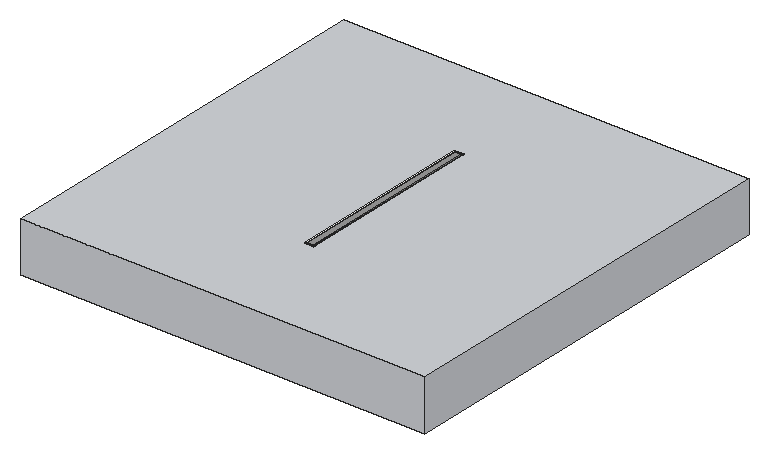
Revit family "LAMP_FIL 45 1120MM OPAL RECESSED", category Luminarias, Revit 2018
Family settings
  Anfitrión = Cara
  Cota de conector redondo = Diámetro de uso
  Tipo de pieza = Normal
  Corte con vacíos al cargar = No
  Origen de luz = Sí
  Compartido = No
  Punto de cálculo de habitación = No
Parameters (values of type "2600LM 3000K  BLACK")
  Ángulo de inclinación = -90.00°
  Weight = 2.58 kg
  Wattage = 17.5 W
  Type = "MID POWER TRIDONIC"
  built-in parameter 1150107 = 3000 (stored number, unit not read)
  Recessed dimensions = "1126x51x0"
  built-in parameter 1150110 = 1 (stored number, unit not read)
  built-in parameter 1150109 = 1 (stored number, unit not read)
  built-in parameter 1150112 = 1 (stored number, unit not read)
  built-in parameter 1150113 = 1 (stored number, unit not read)
  built-in parameter 1114218 = 1 (stored number, unit not read)
  Protection rating = "IP20 / IK07"
  Product datasheet = "http://www.lamp.es/product-files/TECH/F41RE112MOOP830NB-EN.pdf"
  Product code = "F41RE112MOOP830NB"
  Product URL = "https://www.lamp.es/en/family/fil-45_413951"
  Power Supply = "220-240V 50/60Hz"
  Power = 16 W
  Plum = 17.5 W
  Photobiological risk = ""
  NOT COVER 2 [instance] = not(END COVER 2)  # no
  NOT COVER 1 [instance] = not(END COVER 1)  # no
  built-in parameter 1150137 = (empty or 0)
  built-in parameter 1150132 = 2
  Modelo = Product code  # "F41RE112MOOP830NB"
  Model Explanation = ""
  Material suspension = LAMP_Acero genérico
  Material perfil = LAMP_Aluminio Perfil Fil NG
  Material difusor = LAMP_PC Difusor Opal Fil
  Manufacturer name = "LAMP"
  Manufacturer country = "Spain"
  Manufacturer URL = "http://www.lamp.es/en"
  MacAdam = "3"
  Longitud de línea de emisión = 1120 mm
  Last update = "31/03/2021"
  Lamp = "MID-POWER LED"
  LED Lifetime = "70.000 L80 B10"
  built-in parameter 1150105 = 655.11 (stored number, unit not read)
  built-in parameter 1150102 = (empty or 0)
  Insulation class = "I"
  Installation instructions = "https://www.lamp.es/product-files/INS/1004580-C%20INSTR.%20FIL45.pdf"
  built-in parameter 1150106 = 6.5511 (stored number, unit not read)
  IEE = "A+"
  Gear = "Electronic"
  Lumens = 1722.17 lm
  Finish = "Matte black RAL 9011"
  Color Filter = 16777215
  built-in parameter 1114217 = 1 (stored number, unit not read)
  built-in parameter 1150139 = (empty or 0)
  Fabricante = Manufacturer name  # "LAMP"
  Default Elevation = 1219.2 mm
  built-in parameter 1150104 = 9.1426 (stored number, unit not read)
  Efficacy = 98.41 lm/W
  END COVER 2 [instance] = yes
  END COVER 1 [instance] = yes
  Dimensions = "1120x55x76"
  Descripción = "FIL45 REC 1120 2600 WW OPAL BK."
  built-in parameter 1150115 = 1 (stored number, unit not read)
  built-in parameter 1150114 = 1 (stored number, unit not read)
  built-in parameter 1150138 = (empty or 0)
  built-in parameter 1150134 = 3
  Dimming Lamp Color Temperature Shift = (empty or 0)
  CRI = "80"
  Archivo de red fotométrica = "F41RE112MOOP830NB.IES"
  built-in parameter 1150133 = 10 (stored number, unit not read)
Types (24, lengths in mm): name | Weight | Wattage | built-in parameter 1150107 | Product datasheet | Product code | Power | Plum | Modelo | Material perfil | LED Lifetime | built-in parameter 1150105 | built-in parameter 1150106 | Lumens | Finish | built-in parameter 1150104 | Efficacy | Descripción | Archivo de red fotométrica
  2600LM 3000K DALI BLACK | 2.726 kg | 17.5 W | 3000 (stored number, unit not read) | "http://www.lamp.es/product-files/TECH/F41RE112MOOP830DB-EN.pdf" | "F41RE112MOOP830DB" | 16 W | 17.5 W | "F41RE112MOOP830DB" | LAMP_Aluminio Perfil Fil NG | "70.000 L80 B10" | 655.11 (stored number, unit not read) | 6.5511 (stored number, unit not read) | 1722.17 lm | "Matte black RAL 9011" | 9.1426 (stored number, unit not read) | 98.41 lm/W | "FIL45 REC 1120 2600 WW OPAL DALI BK." | "F41RE112MOOP830nB.IES"
  2600LM 3000K DALI GREY | 2.726 kg | 17.5 W | 3000 (stored number, unit not read) | "http://www.lamp.es/product-files/TECH/F41RE112MOOP830DG-EN.pdf" | "F41RE112MOOP830DG" | 16 W | 17.5 W | "F41RE112MOOP830DG" | LAMP_Aluminio Perfil Fil GR | "70.000 L80 B10" | 655.11 (stored number, unit not read) | 6.5511 (stored number, unit not read) | 1722.17 lm | "Gloss grey" | 9.1426 (stored number, unit not read) | 98.41 lm/W | "FIL45 REC 1120 2600 WW OPAL DALI GR." | "F41RE112MOOP830nG.IES"
  2600LM 3000K DALI WHITE | 2.726 kg | 17.5 W | 3000 (stored number, unit not read) | "http://www.lamp.es/product-files/TECH/F41RE112MOOP830DW-EN.pdf" | "F41RE112MOOP830DW" | 16 W | 17.5 W | "F41RE112MOOP830DW" | LAMP_Aluminio Perfil Fil BL | "70.000 L80 B10" | 655.11 (stored number, unit not read) | 6.5511 (stored number, unit not read) | 1722.17 lm | "Matte white RAL 9010" | 9.1426 (stored number, unit not read) | 98.41 lm/W | "FIL45 REC 1120 2600 WW OPAL DALI WH." | "F41RE112MOOP830nW.IES"
  2600LM 3000K  BLACK | 2.58 kg | 17.5 W | 3000 (stored number, unit not read) | "http://www.lamp.es/product-files/TECH/F41RE112MOOP830NB-EN.pdf" | "F41RE112MOOP830NB" | 16 W | 17.5 W | "F41RE112MOOP830NB" | LAMP_Aluminio Perfil Fil NG | "70.000 L80 B10" | 655.11 (stored number, unit not read) | 6.5511 (stored number, unit not read) | 1722.17 lm | "Matte black RAL 9011" | 9.1426 (stored number, unit not read) | 98.41 lm/W | "FIL45 REC 1120 2600 WW OPAL BK." | "F41RE112MOOP830NB.IES"
  2600LM 3000K  GREY | 2.58 kg | 17.5 W | 3000 (stored number, unit not read) | "http://www.lamp.es/product-files/TECH/F41RE112MOOP830NG-EN.pdf" | "F41RE112MOOP830NG" | 16 W | 17.5 W | "F41RE112MOOP830NG" | LAMP_Aluminio Perfil Fil GR | "70.000 L80 B10" | 655.11 (stored number, unit not read) | 6.5511 (stored number, unit not read) | 1722.17 lm | "Gloss grey" | 9.1426 (stored number, unit not read) | 98.41 lm/W | "FIL45 REC 1120 2600 WW OPAL GR." | "F41RE112MOOP830NG.IES"
  2600LM 3000K  WHITE | 2.58 kg | 17.5 W | 3000 (stored number, unit not read) | "http://www.lamp.es/product-files/TECH/F41RE112MOOP830NW-EN.pdf" | "F41RE112MOOP830NW" | 16 W | 17.5 W | "F41RE112MOOP830NW" | LAMP_Aluminio Perfil Fil BL | "70.000 L80 B10" | 655.11 (stored number, unit not read) | 6.5511 (stored number, unit not read) | 1722.17 lm | "Matte white RAL 9010" | 9.1426 (stored number, unit not read) | 98.41 lm/W | "FIL45 REC 1120 2600 WW OPAL WH." | "F41RE112MOOP830NW.IES"
  2600LM 4000K DALI BLACK | 2.726 kg | 17.5 W | 4000 (stored number, unit not read) | "http://www.lamp.es/product-files/TECH/F41RE112MOOP840DB-EN.pdf" | "F41RE112MOOP840DB" | 16 W | 17.5 W | "F41RE112MOOP840DB" | LAMP_Aluminio Perfil Fil NG | "70.000 L80 B10" | 686.8 (stored number, unit not read) | 6.868 (stored number, unit not read) | 1805.48 lm | "Matte black RAL 9011" | 9.5848 (stored number, unit not read) | 103.17 lm/W | "FIL45 REC 1120 2600 NW OPAL DALI BK." | "F41RE112MOOP840nB.IES"
  2600LM 4000K DALI GREY | 2.726 kg | 17.5 W | 4000 (stored number, unit not read) | "http://www.lamp.es/product-files/TECH/F41RE112MOOP840DG-EN.pdf" | "F41RE112MOOP840DG" | 16 W | 17.5 W | "F41RE112MOOP840DG" | LAMP_Aluminio Perfil Fil GR | "70.000 L80 B10" | 686.8 (stored number, unit not read) | 6.868 (stored number, unit not read) | 1805.48 lm | "Gloss grey" | 9.5848 (stored number, unit not read) | 103.17 lm/W | "FIL45 REC 1120 2600 NW OPAL DALI GR." | "F41RE112MOOP840nG.IES"
  2600LM 4000K DALI WHITE | 2.726 kg | 17.5 W | 4000 (stored number, unit not read) | "http://www.lamp.es/product-files/TECH/F41RE112MOOP840DW-EN.pdf" | "F41RE112MOOP840DW" | 16 W | 17.5 W | "F41RE112MOOP840DW" | LAMP_Aluminio Perfil Fil BL | "70.000 L80 B10" | 686.8 (stored number, unit not read) | 6.868 (stored number, unit not read) | 1805.48 lm | "Matte white RAL 9010" | 9.5848 (stored number, unit not read) | 103.17 lm/W | "FIL45 REC 1120 2600 NW OPAL DALI WH." | "F41RE112MOOP840nW.IES"
  2600LM 4000K  BLACK | 2.58 kg | 17.5 W | 4000 (stored number, unit not read) | "http://www.lamp.es/product-files/TECH/F41RE112MOOP840NB-EN.pdf" | "F41RE112MOOP840NB" | 16 W | 17.5 W | "F41RE112MOOP840NB" | LAMP_Aluminio Perfil Fil NG | "70.000 L80 B10" | 686.8 (stored number, unit not read) | 6.868 (stored number, unit not read) | 1805.48 lm | "Matte black RAL 9011" | 9.5848 (stored number, unit not read) | 103.17 lm/W | "FIL45 REC 1120 2600 NW OPAL BK." | "F41RE112MOOP840NB.IES"
  2600LM 4000K  GREY | 2.58 kg | 17.5 W | 4000 (stored number, unit not read) | "http://www.lamp.es/product-files/TECH/F41RE112MOOP840NG-EN.pdf" | "F41RE112MOOP840NG" | 16 W | 17.5 W | "F41RE112MOOP840NG" | LAMP_Aluminio Perfil Fil GR | "70.000 L80 B10" | 686.8 (stored number, unit not read) | 6.868 (stored number, unit not read) | 1805.48 lm | "Gloss grey" | 9.5848 (stored number, unit not read) | 103.17 lm/W | "FIL45 REC 1120 2600 NW OPAL GR." | "F41RE112MOOP840NG.IES"
  2600LM 4000K  WHITE | 2.58 kg | 17.5 W | 4000 (stored number, unit not read) | "http://www.lamp.es/product-files/TECH/F41RE112MOOP840NW-EN.pdf" | "F41RE112MOOP840NW" | 16 W | 17.5 W | "F41RE112MOOP840NW" | LAMP_Aluminio Perfil Fil BL | "70.000 L80 B10" | 686.8 (stored number, unit not read) | 6.868 (stored number, unit not read) | 1805.48 lm | "Matte white RAL 9010" | 9.5848 (stored number, unit not read) | 103.17 lm/W | "FIL45 REC 1120 2600 NW OPAL WH." | "F41RE112MOOP840NW.IES"
  6200LM 3000K  BLACK | 2.63 kg | 40.3 W | 3000 (stored number, unit not read) | "http://www.lamp.es/product-files/TECH/F41RE112HOOP830NB-EN.pdf" | "F41RE112HOOP830NB" | 36 W | 40.3 W | "F41RE112HOOP830NB" | LAMP_Aluminio Perfil Fil NG | "72.000 L80 B10" | 1418 (stored number, unit not read) | 14.18 (stored number, unit not read) | 3727.75 lm | "Matte black RAL 9011" | 8.5935 (stored number, unit not read) | 92.5 lm/W | "FIL45 REC 1120 6200 WW OPAL BK." | "F41RE112HOOP830NB.IES"
  6200LM 3000K  GREY | 2.63 kg | 40.3 W | 3000 (stored number, unit not read) | "http://www.lamp.es/product-files/TECH/F41RE112HOOP830NG-EN.pdf" | "F41RE112HOOP830NG" | 36 W | 40.3 W | "F41RE112HOOP830NG" | LAMP_Aluminio Perfil Fil GR | "72.000 L80 B10" | 1418 (stored number, unit not read) | 14.18 (stored number, unit not read) | 3727.75 lm | "Gloss grey" | 8.5935 (stored number, unit not read) | 92.5 lm/W | "FIL45 REC 1120 6200 WW OPAL GR." | "F41RE112HOOP830NG.IES"
  6200LM 3000K  WHITE | 2.63 kg | 40.3 W | 3000 (stored number, unit not read) | "http://www.lamp.es/product-files/TECH/F41RE112HOOP830NW-EN.pdf" | "F41RE112HOOP830NW" | 36 W | 40.3 W | "F41RE112HOOP830NW" | LAMP_Aluminio Perfil Fil BL | "72.000 L80 B10" | 1418 (stored number, unit not read) | 14.18 (stored number, unit not read) | 3727.75 lm | "Matte white RAL 9010" | 8.5935 (stored number, unit not read) | 92.5 lm/W | "FIL45 REC 1120 6200 WW OPAL WH." | "F41RE112HOOP830NW.IES"
  6200LM 4000K  BLACK | 2.63 kg | 40.3 W | 4000 (stored number, unit not read) | "http://www.lamp.es/product-files/TECH/F41RE112HOOP840NB-EN.pdf" | "F41RE112HOOP840NB" | 36 W | 40.3 W | "F41RE112HOOP840NB" | LAMP_Aluminio Perfil Fil NG | "72.000 L80 B10" | 1825.8 (stored number, unit not read) | 18.258 (stored number, unit not read) | 4799.73 lm | "Matte black RAL 9011" | 11.065 (stored number, unit not read) | 92.5 lm/W | "FIL45 REC 1120 6200 NW OPAL BK." | "F41RE112HOOP840NB.IES"
  6200LM 4000K  GREY | 2.63 kg | 40.3 W | 4000 (stored number, unit not read) | "http://www.lamp.es/product-files/TECH/F41RE112HOOP840NG-EN.pdf" | "F41RE112HOOP840NG" | 36 W | 40.3 W | "F41RE112HOOP840NG" | LAMP_Aluminio Perfil Fil GR | "72.000 L80 B10" | 1825.8 (stored number, unit not read) | 18.258 (stored number, unit not read) | 4799.73 lm | "Gloss grey" | 11.065 (stored number, unit not read) | 92.5 lm/W | "FIL45 REC 1120 6200 NW OPAL GR." | "F41RE112HOOP840NG.IES"
  6200LM 4000K  WHITE | 2.63 kg | 40.3 W | 4000 (stored number, unit not read) | "http://www.lamp.es/product-files/TECH/F41RE112HOOP840NW-EN.pdf" | "F41RE112HOOP840NW" | 36 W | 40.3 W | "F41RE112HOOP840NW" | LAMP_Aluminio Perfil Fil BL | "72.000 L80 B10" | 1825.8 (stored number, unit not read) | 18.258 (stored number, unit not read) | 4799.73 lm | "Matte white RAL 9010" | 11.065 (stored number, unit not read) | 92.5 lm/W | "FIL45 REC 1120 6200 NW OPAL WH." | "F41RE112HOOP840NW.IES"
  6200LM 3000K DALI BLACK | 2.741 kg | 40.3 W | 3000 (stored number, unit not read) | "http://www.lamp.es/product-files/TECH/F41RE112HOOP830DB-EN.pdf" | "F41RE112HOOP830DB" | 36 W | 40.3 W | "F41RE112HOOP830DB" | LAMP_Aluminio Perfil Fil NG | "72.000 L80 B10" | 1418 (stored number, unit not read) | 14.18 (stored number, unit not read) | 3727.75 lm | "Matte black RAL 9011" | 8.5935 (stored number, unit not read) | 92.5 lm/W | "FIL45 REC 1120 6200 WW OPAL DALI BK." | "F41RE112HOOP830nB.IES"
  6200LM 3000K DALI GREY | 2.741 kg | 40.3 W | 3000 (stored number, unit not read) | "http://www.lamp.es/product-files/TECH/F41RE112HOOP830DG-EN.pdf" | "F41RE112HOOP830DG" | 36 W | 40.3 W | "F41RE112HOOP830DG" | LAMP_Aluminio Perfil Fil GR | "72.000 L80 B10" | 1418 (stored number, unit not read) | 14.18 (stored number, unit not read) | 3727.75 lm | "Gloss grey" | 8.5935 (stored number, unit not read) | 92.5 lm/W | "FIL45 REC 1120 6200 WW OPAL DALI GR." | "F41RE112HOOP830nG.IES"
  6200LM 3000K DALI WHITE | 2.741 kg | 40.3 W | 3000 (stored number, unit not read) | "http://www.lamp.es/product-files/TECH/F41RE112HOOP830DW-EN.pdf" | "F41RE112HOOP830DW" | 36 W | 40.3 W | "F41RE112HOOP830DW" | LAMP_Aluminio Perfil Fil BL | "72.000 L80 B10" | 1418 (stored number, unit not read) | 14.18 (stored number, unit not read) | 3727.75 lm | "Matte white RAL 9010" | 8.5935 (stored number, unit not read) | 92.5 lm/W | "FIL45 REC 1120 6200 WW OPAL DALI WH." | "F41RE112HOOP830nW.IES"
  6200LM 4000K DALI BLACK | 2.741 kg | 40.3 W | 4000 (stored number, unit not read) | "http://www.lamp.es/product-files/TECH/F41RE112HOOP840DB-EN.pdf" | "F41RE112HOOP840DB" | 36 W | 40.3 W | "F41RE112HOOP840DB" | LAMP_Aluminio Perfil Fil NG | "72.000 L80 B10" | 1825.8 (stored number, unit not read) | 18.258 (stored number, unit not read) | 4799.73 lm | "Matte black RAL 9011" | 11.065 (stored number, unit not read) | 92.5 lm/W | "FIL45 REC 1120 6200 NW OPAL DALI BK." | "F41RE112HOOP840nB.IES"
  6200LM 4000K DALI GREY | 2.741 kg | 40.3 W | 4000 (stored number, unit not read) | "http://www.lamp.es/product-files/TECH/F41RE112HOOP840DG-EN.pdf" | "F41RE112HOOP840DG" | 36 W | 40.3 W | "F41RE112HOOP840DG" | LAMP_Aluminio Perfil Fil GR | "72.000 L80 B10" | 1825.8 (stored number, unit not read) | 18.258 (stored number, unit not read) | 4799.73 lm | "Gloss grey" | 11.065 (stored number, unit not read) | 92.5 lm/W | "FIL45 REC 1120 6200 NW OPAL DALI GR." | "F41RE112HOOP840nG.IES"
  6200LM 4000K DALI WHITE | 2.741 kg | 40.3 W | 4000 (stored number, unit not read) | "http://www.lamp.es/product-files/TECH/F41RE112HOOP840DW-EN.pdf" | "F41RE112HOOP840DW" | 36 W | 40.3 W | "F41RE112HOOP840DW" | LAMP_Aluminio Perfil Fil BL | "72.000 L80 B10" | 1825.8 (stored number, unit not read) | 18.258 (stored number, unit not read) | 4799.73 lm | "Matte white RAL 9010" | 11.065 (stored number, unit not read) | 92.5 lm/W | "FIL45 REC 1120 6200 NW OPAL DALI WH." | "F41RE112HOOP840nW.IES"
Reference planes
  plane 1 "Centro (Frontal/Posterior)": y = 0
  plane 2: z = 0
  plane 3 "Centro (Izquierda/Derecha)": x = 0
Forms (mm)
  Extrusion 1, solid
    sketch origin (0, 0, 0) x (1, 0, 0) y (0, 1, 0)
      loop
        line (-1219.2, 1219.2) -> (-1219.2, -1219.2) -> (1219.2, -1219.2) -> (1219.2, 1219.2) -> (-1219.2, 1219.2)
    from 0 to -304.8
  Extrusion 2, solid, material "LAMP_Aluminio Perfil Fil NG" <- "Material perfil"
    sketch origin (0, 0, -281.8) x (1, 0, 0) y (0, 0, 1)
      loop
        line (17.8, 259) -> (0, 259) -> (-17.8, 259) -> (-21.5, 259) -> (-21.5, 283) -> (-27.5, 283) -> (-27.5, 281.8) -> (-22.5, 281.8) -> (-22.5, 206.5) -> (22.5, 206.5) -> (22.5, 281.8) -> (27.5, 281.8) -> (27.5, 283) -> (21.5, 283) -> (21.5, 259) -> (17.8, 259)
    from -560 to 560
  Extrusion 3, solid, material "LAMP_PC Difusor Opal Fil" <- "Material difusor"
    sketch origin (0, 0, -281.8) x (1, 0, 0) y (0, 0, 1)
      loop
        line (-21.5, 283) -> (-21.5, 281.8) -> (21.5, 281.8) -> (21.5, 283) -> (-21.5, 283)
    from -560 to 560
Text (mm)
  text "Any modification of the parameters and properties of the LAMP BIM models must be executed and validated by the LAMP technical department.\nPhone: +34 93 736 68 00\nE-mail: lamp@lamp.es\n\nLAMP reserves the right to modify the technical specifications of its products." at (3249.303, 5266.069, -2786.139), in view "Preview"
Dimensions and locks
  aligned and locked: plane 2 to Extrusion 1
  aligned and locked: level to Extrusion 1
Nested families
  nested 1: "LAMP_FIL 45 END COVER RECESSED" at (0, -561, -75.3), visible <- "END COVER 1", type "Blanco"
  nested 2: "LAMP_FIL 45 END COVER RECESSED" at (0, 561, -75.3), visible <- "END COVER 2", type "Blanco"
Definition of nested family "LAMP_FIL 45 END COVER RECESSED"
  Parameters (values of type "LAMP_FIL 45 END COVER RECESSED")
    Material tapa = none
  Reference planes
    plane 1 "Centro (Frontal/Posterior)": y = 0
    plane 2: z = 0
    plane 3 "Centro (Izquierda/Derecha)": x = 0
  Forms (mm)
    Extrusion 1, solid, material <- "Material tapa"
      sketch origin (0, 0, 76.8) x (0, -1, 0) y (0, 0, -1)
        loop
          line (1, 1.5) -> (1, 76.8) -> (-1, 76.8) -> (-1, 0.3) -> (4.5, 0.3) -> (4.5, 1.5) -> (1, 1.5)
      from -27.5 to 27.5
    Extrusion 2, void
      sketch origin (0, 0, 0) x (1, 0, 0) y (0, 0, 1)
        loop
          line (27.5, 75.3) -> (22.5, 75.3) -> (22.5, 0) -> (27.5, 0) -> (27.5, 75.3)
      from -23.5 to 23.5
    Extrusion 3, void
      sketch origin (0, 0, 0) x (1, 0, 0) y (0, 0, 1)
        loop
          line (-27.5, 75.3) -> (-27.5, 0) -> (-22.5, 0) -> (-22.5, 75.3) -> (-27.5, 75.3)
      from -23.5 to 23.5
  Cuts and joins
    Extrusion 2, Extrusion 3 cuts Extrusion 1
  Dimensions and locks
    aligned and locked: level to plane 2
